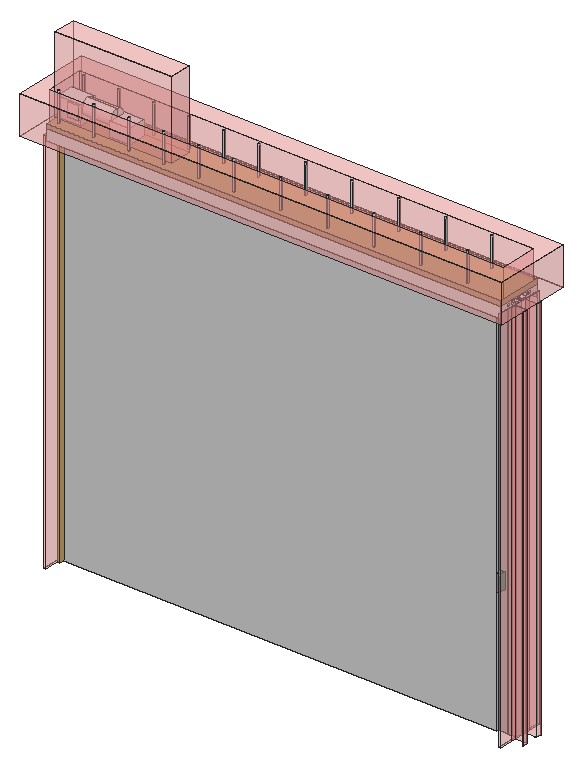
Revit family "Doors-Sliding_WON-DOOR_DuraSound_Motorized_Fixed_N", category Doors, host Wall, Revit 2020 (continued)
Definition of nested family "First Part"
  Automatic sketch dimensions
    Masking region 4 sketch curve to Masking region 4 sketch curve = 0' - 0 7/16"  (x2)
    Masking region 4 sketch curve to Masking region 4 sketch curve = 0' - 0.02358"  (x2)
    Masking region 4 sketch curve to Masking region 4 sketch curve = 0' - 0.10059"  (x2)
    Masking region 4 sketch curve to Masking region 4 sketch curve = 0' - 0.08395"  (x2)
    Masking region 4 sketch curve to Masking region 4 sketch curve = 0' - 0.315"  (x62)
    Masking region 4 sketch curve to Masking region 4 sketch curve = 0' - 0.29142"
    Masking region 4 sketch curve to Masking region 4 sketch curve = 0' - 0 81/256"  (x20)
    Masking region 4 sketch curve to Masking region 4 sketch curve = 0' - 0 1/4"  (x20)
    Masking region 4 sketch curve to Masking region 4 sketch curve = 0' - 0.565"
    curve 2 to curve 1 = 0' - 3.4981"
    curve 1 to curve 3 = 0' - 1.8731"
    curve 3 to curve 3 = 0' - 1 5/8"
    curve 9 to curve 6 = 0' - 5.68539"
    curve 1 to curve 2 = 0' - 0 5/8"
    curve 2 to curve 2 = 0' - 1 5/8"
Definition of nested family "Second Part"
  Parameters (values of type "Second Part")
    Wall Construction [instance] = yes
    Stack Depth [instance] = 1' - 6"
    Single Door [instance] = yes
    Single Backing [instance] = if(and(Single Door, Backing Profile), 1 = 1, 1 = 2)  # no
    Open [instance] = yes
    Double Door [instance] = yes
    Door Geometry [instance] = if(and(Open, Double Door), 1 = 1, 1 = 2)  # yes
    Closed [instance] = not(Open)  # no
    Backing Profile [instance] = no
  Reference planes (in)
    plane 1 "Center (Front/Back)": y = 0
    plane 2: z = 0
    plane 3 "Center (Left/Right)": x = 0
    plane 4: x = -18
  Lines and regions (in)
    Masking region 1, in view "Ref. Level", visible <- "Wall Construction"
      outline origin (-18, 35, 0) x (0, -1, 0) y (1, 0, 0)
        loop
          line (23.00211, 0) -> (23.00211, -0.625) -> (46.99789, -0.625) -> (46.99789, 0) -> (23.00211, 0)
    Masking region 2, in view "Ref. Level", visible <- "Single Backing"
      outline origin (-18, 35, 0) x (0, -1, 0) y (1, 0, 0)
        loop
          line (33.1269, -0.625) -> (31.5019, -0.625) -> (31.5019, -0.75) -> (33.0019, -0.75) -> (33.0019, -4.125) -> (31.5019, -4.125) -> (31.5019, -4.25) -> (33.1269, -4.25) -> (33.1269, -0.625)
        loop
          line (36.8731, -0.625) -> (36.8731, -4.25) -> (38.4981, -4.25) -> (38.4981, -4.125) -> (36.9981, -4.125) -> (36.9981, -0.75) -> (38.4981, -0.75) -> (38.4981, -0.625) -> (36.8731, -0.625)
    Masking region 3, in view "Ref. Level"
      outline origin (0, 0, 0) x (1, 0, 0) y (0, 1, 0)
        loop
          line (-18, 2.75449) -> (-18, -2.75449) -> (-17.25266, -2.75449) -> (-17.25266, 2.75449) -> (-18, 2.75449)
    Masking region 4, in view "Ref. Level", visible <- "Door Geometry", detail levels fine
      outline origin (0, 0, 0) x (1, 0, 0) y (0, 1, 0)
        loop
          line (-16.75, 1.57856) -> (-17.25266, 1.57856) -> (-17.25266, -1.57856) -> (-16.75, -1.57856) -> (-16.75, -0.84517) -> (-16.0817, -0.84517) -> (-16.0817, -1.84738) -> (-15.97292, -2.43998) -> (-16.14509, -3.08254) -> (-16.14509, -3.40471) -> (-15.97418, -4.04256) -> (-16.05812, -4.63987) -> (-16.05812, -5.14843) -> (-16.05812, -6.26823) -> (-15.74312, -6.3125) -> (-3.72097, -6.3125) -> (-3.72097, -5.12761) -> (-3.72097, -4.63987) -> (-3.63703, -4.04256) -> (-3.80794, -3.40471) -> (-3.80794, -3.08254) -> (-3.64396, -2.47054) -> (-3.64396, -2.39538) -> (-3.74455, -1.84738) -> (-3.74455, -0.905) -> (-3.02794, -0.905) -> (-3.02794, -1.081) -> (-2.90294, -1.081) -> (-2.90294, -2.706)
          arc (-2.90294, -2.706) -> (-2.84788, -2.83894) -> (-2.71494, -2.894) r 0.188
          line (-2.71494, -2.894) -> (-2.09094, -2.894)
          arc (-2.09094, -2.894) -> (-1.95801, -2.83894) -> (-1.90294, -2.706) r 0.188
          line (-1.90294, -2.706) -> (-1.90294, -1.081) -> (-1.77794, -1.081) -> (-1.77794, -0.905) -> (-0.03709, -0.905) -> (0.33033, -1.23816) -> (0.72751, -1.23816) -> (0.72751, -1.28816) -> (1.12251, -1.28816) -> (1.12251, -1.07316) -> (0.72751, -1.07316) -> (0.72751, -1.13816) -> (0.36892, -1.13816) -> (0.05089, -0.84978)
          arc (0.05089, -0.84978) -> (0.03649, -0.79777) -> (0.06969, -0.75523) r 0.06
          line (0.06969, -0.75523) -> (0.23033, -0.68869) -> (0.23033, -0.4628)
          arc (0.23033, -0.4628) -> (-0.00967, 0.00184) -> (0.23033, 0.46649) r 0.56978
          line (0.23033, 0.46649) -> (0.23033, 0.69238) -> (0.06969, 0.75892)
          arc (0.06969, 0.75892) -> (0.03649, 0.80146) -> (0.05089, 0.85347) r 0.06
          line (0.05089, 0.85347) -> (0.36892, 1.14184) -> (0.72751, 1.14184) -> (0.72751, 1.07684) -> (1.12251, 1.07684) -> (1.12251, 1.29184) -> (0.72751, 1.29184) -> (0.72751, 1.24184) -> (0.33033, 1.24184) -> (-0.04115, 0.905) -> (-1.77794, 0.905) -> (-1.77794, 1.081) -> (-1.90294, 1.081) -> (-1.90294, 2.706)
          arc (-1.90294, 2.706) -> (-1.95801, 2.83894) -> (-2.09094, 2.894) r 0.188
          line (-2.09094, 2.894) -> (-2.71494, 2.894)
          arc (-2.71494, 2.894) -> (-2.84788, 2.83894) -> (-2.90294, 2.706) r 0.188
          line (-2.90294, 2.706) -> (-2.90294, 1.081) -> (-3.02794, 1.081) -> (-3.02794, 0.905) -> (-3.74455, 0.905) -> (-3.74455, 1.84738) -> (-3.64396, 2.39538) -> (-3.64396, 2.47054) -> (-3.80794, 3.08254) -> (-3.80794, 3.40471) -> (-3.63703, 4.04256) -> (-3.72097, 4.63987) -> (-3.72097, 5.12761) -> (-3.72097, 6.31495) -> (-15.74312, 6.31495) -> (-16.05812, 6.27068) -> (-16.05812, 5.14843) -> (-16.05812, 4.63987) -> (-15.97418, 4.04256) -> (-16.14509, 3.40471) -> (-16.14509, 3.08254) -> (-15.97292, 2.43998) -> (-16.0817, 1.84738) -> (-16.0817, 0.84517) -> (-16.75, 0.84517) -> (-16.75, 1.57856)
    Masking region 5, in view "Ref. Level", visible <- "Door Geometry", detail levels fine
      outline origin (-18, 35, 0) x (0, -1, 0) y (1, 0, 0)
        loop
          line (33.42144, 0.75) -> (33.54644, 0.75) -> (33.54644, 0.78125) -> (33.45269, 0.78125) -> (33.45269, 1.21875) -> (34.89019, 1.21875) -> (34.89019, 0.78125) -> (34.79644, 0.78125) -> (34.79644, 0.75) -> (34.92144, 0.75) -> (34.92144, 1.25) -> (34.23295, 1.25) -> (34.23295, 1.94188) -> (34.19199, 2.2333) -> (33.15262, 2.2333) -> (32.60462, 2.33389) -> (32.52946, 2.33389) -> (31.91746, 2.16991) -> (31.59529, 2.16991) -> (30.95744, 2.34082) -> (30.36013, 2.25688) -> (29.46925, 2.25688) -> (28.68505, 2.25688) -> (28.72932, 1.94188) -> (29.40384, 1.94188) -> (30.36013, 1.94188) -> (30.95744, 2.02582) -> (31.59529, 1.85491) -> (31.91746, 1.85491) -> (32.52946, 2.01889) -> (32.60462, 2.01889) -> (33.15262, 1.9183) -> (34.15483, 1.9183) -> (34.15483, 1.25) -> (33.42144, 1.25) -> (33.42144, 0.75)
        loop
          line (36.57856, 0.75) -> (36.57856, 1.25) -> (35.84517, 1.25) -> (35.84517, 1.9183) -> (36.84738, 1.9183) -> (37.39538, 2.01889) -> (37.47054, 2.01889) -> (38.08254, 1.85491) -> (38.40471, 1.85491) -> (39.04256, 2.02582) -> (39.63987, 1.94188) -> (40.57815, 1.94188) -> (41.26823, 1.94188) -> (41.3125, 2.25688) -> (40.51274, 2.25688) -> (39.63987, 2.25688) -> (39.04256, 2.34082) -> (38.40471, 2.16991) -> (38.08254, 2.16991) -> (37.47054, 2.33389) -> (37.39538, 2.33389) -> (36.84738, 2.2333) -> (35.80801, 2.2333) -> (35.76705, 1.94188) -> (35.76705, 1.25) -> (35.07856, 1.25) -> (35.07856, 0.75) -> (35.20356, 0.75) -> (35.20356, 0.78125) -> (35.10981, 0.78125) -> (35.10981, 1.21875) -> (36.54731, 1.21875) -> (36.54731, 0.78125) -> (36.45356, 0.78125) -> (36.45356, 0.75) -> (36.57856, 0.75)
        loop
          line (34.23626, 2.5483) -> (34.19199, 2.8633) -> (33.15262, 2.8633) -> (32.60462, 2.96389) -> (32.52946, 2.96389) -> (31.91746, 2.79991) -> (31.59529, 2.79991) -> (30.95744, 2.97082) -> (30.36013, 2.88688) -> (29.46072, 2.88688) -> (28.68505, 2.88688) -> (28.72932, 2.57188) -> (29.40384, 2.57188) -> (30.36013, 2.57188) -> (30.95744, 2.65582) -> (31.59529, 2.48491) -> (31.91746, 2.48491) -> (32.52946, 2.64889) -> (32.60462, 2.64889) -> (33.15262, 2.5483) -> (34.23626, 2.5483)
        loop
          line (34.23626, 3.74471) -> (34.19199, 4.05971) -> (33.15262, 4.05971) -> (32.60462, 4.1603) -> (32.52946, 4.1603) -> (31.91746, 3.99632) -> (31.59529, 3.99632) -> (30.95744, 4.16723) -> (30.36013, 4.08328) -> (29.4883, 4.08328) -> (28.68505, 4.08328) -> (28.72932, 3.76828) -> (30.36013, 3.76828) -> (30.95744, 3.85223) -> (31.59529, 3.68132) -> (31.91746, 3.68132) -> (32.52946, 3.8453) -> (32.60462, 3.8453) -> (33.15262, 3.74471) -> (34.23626, 3.74471)
        loop
          line (28.72932, 4.39969) -> (30.36013, 4.39969) -> (30.95744, 4.48364) -> (31.59529, 4.31272) -> (31.91746, 4.31272) -> (32.52946, 4.47671) -> (32.60462, 4.47671) -> (33.15262, 4.37611) -> (34.23626, 4.37611) -> (34.19199, 4.69111) -> (33.15262, 4.69111) -> (32.60462, 4.79171) -> (32.52946, 4.79171) -> (31.91746, 4.62772) -> (31.59529, 4.62772) -> (30.95744, 4.79864) -> (30.36013, 4.71469) -> (29.42661, 4.71469) -> (28.68505, 4.71469) -> (28.72932, 4.39969)
        loop
          line (28.72932, 4.96469) -> (30.36013, 4.96469) -> (30.95744, 5.04864) -> (31.59529, 4.87772) -> (31.91746, 4.87772) -> (32.52946, 5.04171) -> (32.60462, 5.04171) -> (33.15262, 4.94111) -> (34.23626, 4.94111) -> (34.19199, 5.25611) -> (33.15262, 5.25611) -> (32.60462, 5.35671) -> (32.52946, 5.35671) -> (31.91746, 5.19272) -> (31.59529, 5.19272) -> (30.95744, 5.36364) -> (30.36013, 5.27969) -> (29.42465, 5.27969) -> (28.68505, 5.27969) -> (28.72932, 4.96469)
        loop
          line (35.76374, 2.5483) -> (36.84738, 2.5483) -> (37.39538, 2.64889) -> (37.47054, 2.64889) -> (38.08254, 2.48491) -> (38.40471, 2.48491) -> (39.04256, 2.65582) -> (39.63987, 2.57188) -> (40.57815, 2.57188) -> (41.26823, 2.57188) -> (41.3125, 2.88688) -> (40.52127, 2.88688) -> (39.63987, 2.88688) -> (39.04256, 2.97082) -> (38.40471, 2.79991) -> (38.08254, 2.79991) -> (37.47054, 2.96389) -> (37.39538, 2.96389) -> (36.84738, 2.8633) -> (35.80801, 2.8633) -> (35.76374, 2.5483)
        loop
          line (35.76374, 3.74471) -> (36.84738, 3.74471) -> (37.39538, 3.8453) -> (37.47054, 3.8453) -> (38.08254, 3.68132) -> (38.40471, 3.68132) -> (39.04256, 3.85223) -> (39.63987, 3.76828) -> (41.26823, 3.76828) -> (41.3125, 4.08328) -> (40.4937, 4.08328) -> (39.63987, 4.08328) -> (39.04256, 4.16723) -> (38.40471, 3.99632) -> (38.08254, 3.99632) -> (37.47054, 4.1603) -> (37.39538, 4.1603) -> (36.84738, 4.05971) -> (35.80801, 4.05971) -> (35.76374, 3.74471)
        loop
          line (41.26823, 4.39969) -> (41.3125, 4.71469) -> (40.55538, 4.71469) -> (39.63987, 4.71469) -> (39.04256, 4.79864) -> (38.40471, 4.62772) -> (38.08254, 4.62772) -> (37.47054, 4.79171) -> (37.39538, 4.79171) -> (36.84738, 4.69111) -> (35.80801, 4.69111) -> (35.76374, 4.37611) -> (36.84738, 4.37611) -> (37.39538, 4.47671) -> (37.47054, 4.47671) -> (38.08254, 4.31272) -> (38.40471, 4.31272) -> (39.04256, 4.48364) -> (39.63987, 4.39969) -> (41.26823, 4.39969)
        loop
          line (41.26823, 4.96469) -> (41.3125, 5.27969) -> (40.55734, 5.27969) -> (39.63987, 5.27969) -> (39.04256, 5.36364) -> (38.40471, 5.19272) -> (38.08254, 5.19272) -> (37.47054, 5.35671) -> (37.39538, 5.35671) -> (36.84738, 5.25611) -> (35.80801, 5.25611) -> (35.76374, 4.94111) -> (36.84738, 4.94111) -> (37.39538, 5.04171) -> (37.47054, 5.04171) -> (38.08254, 4.87772) -> (38.40471, 4.87772) -> (39.04256, 5.04864) -> (39.63987, 4.96469) -> (41.26823, 4.96469)
        loop
          line (34.23626, 3.17971) -> (34.19199, 3.49471) -> (33.15262, 3.49471) -> (32.60462, 3.5953) -> (32.52946, 3.5953) -> (31.91746, 3.43132) -> (31.59529, 3.43132) -> (30.95744, 3.60223) -> (30.36013, 3.51828) -> (29.46072, 3.51828) -> (28.68505, 3.51828) -> (28.72932, 3.20328) -> (29.40384, 3.20328) -> (30.36013, 3.20328) -> (30.95744, 3.28723) -> (31.59529, 3.11632) -> (31.91746, 3.11632) -> (32.52946, 3.2803) -> (32.60462, 3.2803) -> (33.15262, 3.17971) -> (34.23626, 3.17971)
        loop
          line (35.76374, 3.17971) -> (36.84738, 3.17971) -> (37.39538, 3.2803) -> (37.47054, 3.2803) -> (38.08254, 3.11632) -> (38.40471, 3.11632) -> (39.04256, 3.28723) -> (39.63987, 3.20328) -> (40.57815, 3.20328) -> (41.26823, 3.20328) -> (41.3125, 3.51828) -> (40.52127, 3.51828) -> (39.63987, 3.51828) -> (39.04256, 3.60223) -> (38.40471, 3.43132) -> (38.08254, 3.43132) -> (37.47054, 3.5953) -> (37.39538, 3.5953) -> (36.84738, 3.49471) -> (35.80801, 3.49471) -> (35.76374, 3.17971)
    Masking region 6, in view "Ref. Level", visible <- "Door Geometry", detail levels fine
      outline origin (0, 35, 0) x (0, -1, 0) y (1, 0, 0)
        loop
          line (35.74, -0.26799) -> (35.74, -3.74455) -> (35.74, -4.05955) -> (36.84738, -4.05955) -> (37.39538, -3.95896) -> (37.47054, -3.95896) -> (38.08254, -4.12294) -> (38.40471, -4.12294) -> (39.04256, -3.95203) -> (39.63987, -4.03597) -> (41.26823, -4.03597) -> (41.3125, -3.72097) -> (40.55734, -3.72097) -> (39.63987, -3.72097) -> (39.04256, -3.63703) -> (38.40471, -3.80794) -> (38.08254, -3.80794) -> (37.47054, -3.64396) -> (37.39538, -3.64396) -> (36.84738, -3.74455) -> (35.905, -3.74455) -> (35.905, -3.02794) -> (36.081, -3.02794) -> (36.081, -2.90294) -> (37.706, -2.90294)
          arc (37.706, -2.90294) -> (37.83894, -2.84788) -> (37.894, -2.71494) r 0.188
          line (37.894, -2.71494) -> (37.894, -2.09094)
          arc (37.894, -2.09094) -> (37.83894, -1.95801) -> (37.706, -1.90294) r 0.188
          line (37.706, -1.90294) -> (36.081, -1.90294) -> (36.081, -1.77794) -> (35.905, -1.77794) -> (35.905, -0.03709) -> (36.23816, 0.33033) -> (36.23816, 0.72751) -> (36.28816, 0.72751) -> (36.28816, 1.12251) -> (36.07316, 1.12251) -> (36.07316, 0.72751) -> (36.13816, 0.72751) -> (36.13816, 0.36892) -> (35.84978, 0.05089)
          arc (35.84978, 0.05089) -> (35.79777, 0.03649) -> (35.75523, 0.06969) r 0.06
          line (35.75523, 0.06969) -> (35.68869, 0.23033) -> (35.4628, 0.23033)
          arc (35.4628, 0.23033) -> (34.99816, -0.00967) -> (34.53351, 0.23033) r 0.56978
          line (34.53351, 0.23033) -> (34.30762, 0.23033) -> (34.24108, 0.06969)
          arc (34.24108, 0.06969) -> (34.19854, 0.03649) -> (34.14653, 0.05089) r 0.06
          line (34.14653, 0.05089) -> (33.85816, 0.36892) -> (33.85816, 0.72751) -> (33.92316, 0.72751) -> (33.92316, 1.12251) -> (33.70816, 1.12251) -> (33.70816, 0.72751) -> (33.75816, 0.72751) -> (33.75816, 0.33033) -> (34.095, -0.04115) -> (34.095, -1.77794) -> (33.919, -1.77794) -> (33.919, -1.90294) -> (32.294, -1.90294)
          arc (32.294, -1.90294) -> (32.16106, -1.95801) -> (32.106, -2.09094) r 0.188
          line (32.106, -2.09094) -> (32.106, -2.71494)
          arc (32.106, -2.71494) -> (32.16106, -2.84788) -> (32.294, -2.90294) r 0.188
          line (32.294, -2.90294) -> (33.919, -2.90294) -> (33.919, -3.02794) -> (34.095, -3.02794) -> (34.095, -3.74455) -> (33.15262, -3.74455) -> (32.60462, -3.64396) -> (32.52946, -3.64396) -> (31.91746, -3.80794) -> (31.59529, -3.80794) -> (30.95744, -3.63703) -> (30.36013, -3.72097) -> (29.42711, -3.72097) -> (28.6875, -3.72097) -> (28.73177, -4.03597) -> (30.36013, -4.03597) -> (30.95744, -3.95203) -> (31.59529, -4.12294) -> (31.91746, -4.12294) -> (32.52946, -3.95896) -> (32.60462, -3.95896) -> (33.15262, -4.05955) -> (34.26, -4.05955) -> (34.26, -3.74455) -> (34.26, -0.26799) -> (35.74, -0.26799)
        loop
          line (34.23626, -7.08236) -> (34.19199, -6.76736) -> (33.15262, -6.76736) -> (32.60462, -6.66677) -> (32.52946, -6.66677) -> (31.91746, -6.83076) -> (31.59529, -6.83076) -> (30.95744, -6.65984) -> (30.36013, -6.74379) -> (29.4717, -6.74379) -> (28.6875, -6.74379) -> (28.73177, -7.05879) -> (29.40629, -7.05879) -> (30.36013, -7.05879) -> (30.95744, -6.97484) -> (31.59529, -7.14576) -> (31.91746, -7.14576) -> (32.52946, -6.98177) -> (32.60462, -6.98177) -> (33.15262, -7.08236) -> (34.23626, -7.08236)
        loop
          line (34.23626, -6.45236) -> (34.19199, -6.13736) -> (33.15262, -6.13736) -> (32.60462, -6.03677) -> (32.52946, -6.03677) -> (31.91746, -6.20076) -> (31.59529, -6.20076) -> (30.95744, -6.02984) -> (30.36013, -6.11379) -> (29.46318, -6.11379) -> (28.6875, -6.11379) -> (28.73177, -6.42879) -> (29.40629, -6.42879) -> (30.36013, -6.42879) -> (30.95744, -6.34484) -> (31.59529, -6.51576) -> (31.91746, -6.51576) -> (32.52946, -6.35177) -> (32.60462, -6.35177) -> (33.15262, -6.45236) -> (34.23626, -6.45236)
        loop
          line (34.23626, -5.25596) -> (34.19199, -4.94096) -> (33.15262, -4.94096) -> (32.60462, -4.84036) -> (32.52946, -4.84036) -> (31.91746, -5.00435) -> (31.59529, -5.00435) -> (30.95744, -4.83344) -> (30.36013, -4.91738) -> (29.49075, -4.91738) -> (28.6875, -4.91738) -> (28.73177, -5.23238) -> (30.36013, -5.23238) -> (30.95744, -5.14844) -> (31.59529, -5.31935) -> (31.91746, -5.31935) -> (32.52946, -5.15536) -> (32.60462, -5.15536) -> (33.15262, -5.25596) -> (34.23626, -5.25596)
        loop
          line (28.73177, -4.60097) -> (30.36013, -4.60097) -> (30.95744, -4.51703) -> (31.59529, -4.68794) -> (31.91746, -4.68794) -> (32.52946, -4.52396) -> (32.60462, -4.52396) -> (33.15262, -4.62455) -> (34.23626, -4.62455) -> (34.19199, -4.30955) -> (33.15262, -4.30955) -> (32.60462, -4.20896) -> (32.52946, -4.20896) -> (31.91746, -4.37294) -> (31.59529, -4.37294) -> (30.95744, -4.20203) -> (30.36013, -4.28597) -> (29.42907, -4.28597) -> (28.6875, -4.28597) -> (28.73177, -4.60097)
        loop
          line (35.76374, -7.08236) -> (36.84738, -7.08236) -> (37.39538, -6.98177) -> (37.47054, -6.98177) -> (38.08254, -7.14576) -> (38.40471, -7.14576) -> (39.04256, -6.97484) -> (39.63987, -7.05879) -> (40.57815, -7.05879) -> (41.26823, -7.05879) -> (41.3125, -6.74379) -> (40.51274, -6.74379) -> (39.63987, -6.74379) -> (39.04256, -6.65984) -> (38.40471, -6.83076) -> (38.08254, -6.83076) -> (37.47054, -6.66677) -> (37.39538, -6.66677) -> (36.84738, -6.76736) -> (35.80801, -6.76736) -> (35.76374, -7.08236)
        loop
          line (35.76374, -6.45236) -> (36.84738, -6.45236) -> (37.39538, -6.35177) -> (37.47054, -6.35177) -> (38.08254, -6.51576) -> (38.40471, -6.51576) -> (39.04256, -6.34484) -> (39.63987, -6.42879) -> (40.57815, -6.42879) -> (41.26823, -6.42879) -> (41.3125, -6.11379) -> (40.52127, -6.11379) -> (39.63987, -6.11379) -> (39.04256, -6.02984) -> (38.40471, -6.20076) -> (38.08254, -6.20076) -> (37.47054, -6.03677) -> (37.39538, -6.03677) -> (36.84738, -6.13736) -> (35.80801, -6.13736) -> (35.76374, -6.45236)
        loop
          line (35.76374, -5.25596) -> (36.84738, -5.25596) -> (37.39538, -5.15536) -> (37.47054, -5.15536) -> (38.08254, -5.31935) -> (38.40471, -5.31935) -> (39.04256, -5.14844) -> (39.63987, -5.23238) -> (41.26823, -5.23238) -> (41.3125, -4.91738) -> (40.4937, -4.91738) -> (39.63987, -4.91738) -> (39.04256, -4.83344) -> (38.40471, -5.00435) -> (38.08254, -5.00435) -> (37.47054, -4.84036) -> (37.39538, -4.84036) -> (36.84738, -4.94096) -> (35.80801, -4.94096) -> (35.76374, -5.25596)
        loop
          line (41.26823, -4.60097) -> (41.3125, -4.28597) -> (40.55538, -4.28597) -> (39.63987, -4.28597) -> (39.04256, -4.20203) -> (38.40471, -4.37294) -> (38.08254, -4.37294) -> (37.47054, -4.20896) -> (37.39538, -4.20896) -> (36.84738, -4.30955) -> (35.80801, -4.30955) -> (35.76374, -4.62455) -> (36.84738, -4.62455) -> (37.39538, -4.52396) -> (37.47054, -4.52396) -> (38.08254, -4.68794) -> (38.40471, -4.68794) -> (39.04256, -4.51703) -> (39.63987, -4.60097) -> (41.26823, -4.60097)
        loop
          line (34.23626, -5.82096) -> (34.19199, -5.50596) -> (33.15262, -5.50596) -> (32.60462, -5.40536) -> (32.52946, -5.40536) -> (31.91746, -5.56935) -> (31.59529, -5.56935) -> (30.95744, -5.39844) -> (30.36013, -5.48238) -> (29.46318, -5.48238) -> (28.6875, -5.48238) -> (28.73177, -5.79738) -> (29.40629, -5.79738) -> (30.36013, -5.79738) -> (30.95744, -5.71344) -> (31.59529, -5.88435) -> (31.91746, -5.88435) -> (32.52946, -5.72036) -> (32.60462, -5.72036) -> (33.15262, -5.82096) -> (34.23626, -5.82096)
        loop
          line (35.76374, -5.82096) -> (36.84738, -5.82096) -> (37.39538, -5.72036) -> (37.47054, -5.72036) -> (38.08254, -5.88435) -> (38.40471, -5.88435) -> (39.04256, -5.71344) -> (39.63987, -5.79738) -> (40.57815, -5.79738) -> (41.26823, -5.79738) -> (41.3125, -5.48238) -> (40.52127, -5.48238) -> (39.63987, -5.48238) -> (39.04256, -5.39844) -> (38.40471, -5.56935) -> (38.08254, -5.56935) -> (37.47054, -5.40536) -> (37.39538, -5.40536) -> (36.84738, -5.50596) -> (35.80801, -5.50596) -> (35.76374, -5.82096)
    Masking region 7, in view "Ref. Level", visible <- "Door Geometry", detail levels medium
      outline origin (0, 0, 0) x (1, 0, 0) y (0, 1, 0)
        loop
          line (-17.25, 1.57856) -> (-17.25, -1.57856) -> (-16.75, -1.57856) -> (-16.75, -0.84517) -> (-16.0817, -0.84517) -> (-16.0817, -6.3125) -> (-3.74455, -6.3125) -> (-3.74455, -0.905) -> (-2.90294, -0.905) -> (-2.90294, -2.894) -> (-1.90294, -2.894) -> (-1.90294, -0.9025) -> (-0.03157, -0.9025) -> (0.39578, -1.29) -> (1.13281, -1.29) -> (1.13281, -1.075) -> (0.30754, -1.075) -> (0.03807, -0.83066) -> (0.03807, -0.69054) -> (0.23047, -0.69054) -> (0.23047, 0.69054) -> (0.03807, 0.69054) -> (0.03807, 0.83066) -> (0.30754, 1.075) -> (1.13281, 1.075) -> (1.13281, 1.29) -> (0.39578, 1.29) -> (-0.02606, 0.9075) -> (-1.90294, 0.9075) -> (-1.90294, 2.894) -> (-2.90294, 2.894) -> (-2.90294, 0.905) -> (-3.74455, 0.905) -> (-3.74455, 6.3125) -> (-16.0817, 6.3125) -> (-16.0817, 0.84517) -> (-16.75, 0.84517) -> (-16.75, 1.57856) -> (-17.25, 1.57856)
    Masking region 8, in view "Ref. Level", visible <- "Door Geometry", detail levels medium
      outline origin (-18, 35, 0) x (0, -1, 0) y (1, 0, 0)
        loop
          line (33.42144, 0.75) -> (33.45269, 0.75) -> (33.45269, 1.21875) -> (34.89019, 1.21875) -> (34.89019, 0.75) -> (34.92144, 0.75) -> (34.92144, 1.25) -> (34.23295, 1.25) -> (34.23295, 2.2333) -> (28.6875, 2.2333) -> (28.6875, 1.9183) -> (34.15483, 1.9183) -> (34.15483, 1.25) -> (33.42144, 1.25) -> (33.42144, 0.75)
        loop
          line (36.54731, 1.21875) -> (36.54731, 0.75) -> (36.57856, 0.75) -> (36.57856, 1.25) -> (35.84517, 1.25) -> (35.84517, 1.9183) -> (41.3125, 1.9183) -> (41.3125, 2.2333) -> (35.76705, 2.2333) -> (35.76705, 1.25) -> (35.07856, 1.25) -> (35.07856, 0.75) -> (35.10981, 0.75) -> (35.10981, 1.21875) -> (36.54731, 1.21875)
        loop
          line (34.23626, 2.5483) -> (34.23626, 2.8633) -> (28.6875, 2.8633) -> (28.6875, 2.5483) -> (34.23626, 2.5483)
        loop
          line (34.23506, 3.74471) -> (34.23506, 4.05971) -> (28.6875, 4.05971) -> (28.6875, 3.74471) -> (34.23506, 3.74471)
        loop
          line (34.23626, 4.37611) -> (34.23626, 4.69111) -> (28.6875, 4.69111) -> (28.6875, 4.37611) -> (34.23626, 4.37611)
        loop
          line (34.23626, 4.94111) -> (34.23626, 5.25611) -> (28.6875, 5.25611) -> (28.6875, 4.94111) -> (34.23626, 4.94111)
        loop
          line (34.23626, 3.17971) -> (34.23626, 3.49471) -> (28.6875, 3.49471) -> (28.6875, 3.17971) -> (34.23626, 3.17971)
        loop
          line (35.76374, 2.5483) -> (41.3125, 2.5483) -> (41.3125, 2.8633) -> (35.76374, 2.8633) -> (35.76374, 2.5483)
        loop
          line (35.76374, 3.74471) -> (41.3125, 3.74471) -> (41.3125, 4.05971) -> (35.76374, 4.05971) -> (35.76374, 3.74471)
        loop
          line (35.76374, 4.37611) -> (41.3125, 4.37611) -> (41.3125, 4.69111) -> (35.76374, 4.69111) -> (35.76374, 4.37611)
        loop
          line (35.76374, 4.94111) -> (41.3125, 4.94111) -> (41.3125, 5.25611) -> (35.76374, 5.25611) -> (35.76374, 4.94111)
        loop
          line (35.76374, 3.17971) -> (41.3125, 3.17971) -> (41.3125, 3.49471) -> (35.76374, 3.49471) -> (35.76374, 3.17971)
    Masking region 9, in view "Ref. Level", visible <- "Door Geometry", detail levels medium
      outline origin (0, 35, 0) x (0, -1, 0) y (1, 0, 0)
        loop
          line (35.74, -0.26799) -> (35.74, -4.05955) -> (41.3125, -4.05955) -> (41.3125, -3.74455) -> (35.905, -3.74455) -> (35.905, -2.90294) -> (37.894, -2.90294) -> (37.894, -1.90294) -> (35.9025, -1.90294) -> (35.9025, -0.03157) -> (36.29, 0.39578) -> (36.29, 1.13281) -> (36.075, 1.13281) -> (36.075, 0.30754) -> (35.83066, 0.03807) -> (35.69054, 0.03807) -> (35.69054, 0.23047) -> (34.30946, 0.23047) -> (34.30946, 0.03807) -> (34.16934, 0.03807) -> (33.925, 0.30754) -> (33.925, 1.13281) -> (33.71, 1.13281) -> (33.71, 0.39578) -> (34.0925, -0.02606) -> (34.0925, -1.90294) -> (32.106, -1.90294) -> (32.106, -2.90294) -> (34.095, -2.90294) -> (34.095, -3.74455) -> (28.6875, -3.74455) -> (28.6875, -4.05955) -> (34.26, -4.05955) -> (34.26, -0.26799) -> (35.74, -0.26799)
        loop
          line (34.23626, -6.99379) -> (34.23626, -6.67879) -> (28.6875, -6.67879) -> (28.6875, -6.99379) -> (34.23626, -6.99379)
        loop
          line (34.23626, -5.79738) -> (34.23626, -5.48238) -> (28.6875, -5.48238) -> (28.6875, -5.79738) -> (34.23626, -5.79738)
        loop
          line (34.23626, -5.16597) -> (34.23626, -4.85097) -> (28.6875, -4.85097) -> (28.6875, -5.16597) -> (34.23626, -5.16597)
        loop
          line (34.23626, -4.60097) -> (34.23626, -4.28597) -> (28.6875, -4.28597) -> (28.6875, -4.60097) -> (34.23626, -4.60097)
        loop
          line (34.23626, -6.36238) -> (34.23626, -6.04738) -> (28.6875, -6.04738) -> (28.6875, -6.36238) -> (34.23626, -6.36238)
        loop
          line (35.76374, -6.99379) -> (41.3125, -6.99379) -> (41.3125, -6.67879) -> (35.76374, -6.67879) -> (35.76374, -6.99379)
        loop
          line (35.76374, -5.79738) -> (41.3125, -5.79738) -> (41.3125, -5.48238) -> (35.76374, -5.48238) -> (35.76374, -5.79738)
        loop
          line (35.76374, -5.16597) -> (41.3125, -5.16597) -> (41.3125, -4.85097) -> (35.76374, -4.85097) -> (35.76374, -5.16597)
        loop
          line (35.76374, -4.60097) -> (41.3125, -4.60097) -> (41.3125, -4.28597) -> (35.76374, -4.28597) -> (35.76374, -4.60097)
        loop
          line (35.76374, -6.36238) -> (41.3125, -6.36238) -> (41.3125, -6.04738) -> (35.76374, -6.04738) -> (35.76374, -6.36238)
    Masking region 10, in view "Ref. Level", visible <- "Door Geometry", detail levels coarse
      outline origin (0, 0, 0) x (1, 0, 0) y (0, 1, 0)
        loop
          line (-16.0817, 6.3125) -> (-16.0817, 0.84517) -> (-16.75, 0.84517) -> (-16.75, 1.57856) -> (-17.25, 1.57856) -> (-17.25, -1.57856) -> (-16.75, -1.57856) -> (-16.75, -0.84517) -> (-16.0817, -0.84517) -> (-16.0817, -6.3125) -> (-3.74455, -6.3125) -> (-3.74455, -2.894) -> (-1.90294, -2.894) -> (-1.90294, -1.29) -> (1.13281, -1.29) -> (1.13281, -1.07516) -> (0.23047, -1.07516) -> (0.23047, 1.07516) -> (1.13281, 1.07516) -> (1.13281, 1.29) -> (-1.90294, 1.29) -> (-1.90294, 2.894) -> (-3.74455, 2.894) -> (-3.74455, 6.3125) -> (-16.0817, 6.3125)
    Masking region 11, in view "Ref. Level", visible <- "Single Door", detail levels fine
      outline origin (-83.43859, -6.07859, 0) x (0, -1, 0) y (1, 0, 0)
        loop
          line (-6.98359, 67.45227) -> (-6.98359, 66.18593) -> (-5.17359, 66.18593) -> (-5.17359, 67.45227)
          arc (-5.17359, 67.45227) -> (-5.2018, 67.53101) -> (-5.27359, 67.57393) r 0.124
          line (-5.27359, 67.57393) -> (-5.27359, 67.93793)
          arc (-5.27359, 67.93793) -> (-5.29774, 67.96735) -> (-5.33131, 67.94941) r 0.03
          line (-5.33131, 67.94941) -> (-5.37293, 67.84893) -> (-5.61109, 67.84893) -> (-5.61109, 67.88073)
          arc (-5.61109, 67.88073) -> (-6.07859, 67.95891) -> (-6.54609, 67.88073) r 1.43699
          line (-6.54609, 67.88073) -> (-6.54609, 67.84893) -> (-6.78426, 67.84893) -> (-6.82588, 67.94941)
          arc (-6.82588, 67.94941) -> (-6.85945, 67.96735) -> (-6.88359, 67.93793) r 0.03
          line (-6.88359, 67.93793) -> (-6.88359, 67.57393)
          arc (-6.88359, 67.57393) -> (-6.95538, 67.53101) -> (-6.98359, 67.45227) r 0.124
    Masking region 12, in view "Ref. Level", visible <- "Single Door", detail levels fine
      outline origin (-83.43859, -6.07859, 0) x (0, -1, 0) y (1, 0, 0)
        loop
          line (-6.88359, 66.18593) -> (-5.27359, 66.18593) -> (-5.27359, 67.41193)
          arc (-5.27359, 67.41193) -> (-5.29175, 67.45577) -> (-5.33559, 67.47393) r 0.062
          line (-5.33559, 67.47393) -> (-5.37359, 67.47393) -> (-5.37359, 67.57393) -> (-5.52359, 67.57393) -> (-5.52359, 67.47393) -> (-6.63359, 67.47393) -> (-6.63359, 67.57393) -> (-6.78359, 67.57393) -> (-6.78359, 67.47393) -> (-6.82159, 67.47393)
          arc (-6.82159, 67.47393) -> (-6.86543, 67.45577) -> (-6.88359, 67.41193) r 0.062
          line (-6.88359, 67.41193) -> (-6.88359, 66.18593)
        loop
          line (-6.48609, 67.83255) -> (-6.48609, 67.79893) -> (-6.70359, 67.79893) -> (-6.70359, 67.69893) -> (-6.54759, 67.69893) -> (-6.54759, 67.57393) -> (-5.60959, 67.57393) -> (-5.60959, 67.69893) -> (-5.45359, 67.69893) -> (-5.45359, 67.79893) -> (-5.67109, 67.79893) -> (-5.67109, 67.83255)
          arc (-5.67109, 67.83255) -> (-6.07859, 67.89893) -> (-6.48609, 67.83255) r 1.284
    Masking region 13, in view "Ref. Level", visible <- "Single Door", detail levels medium
      outline origin (-18, 35, 0) x (0, -1, 0) y (1, 0, 0)
        loop
          line (35.905, 0.74734) -> (35.905, 2.13534) -> (35.805, 2.13534) -> (35.805, 2.52914) -> (35.70566, 2.52914) -> (35.70566, 2.41034) -> (35.4675, 2.41034) -> (35.4675, 2.52032) -> (34.5325, 2.52032) -> (34.5325, 2.41034) -> (34.29434, 2.41034) -> (34.29434, 2.52914) -> (34.195, 2.52914) -> (34.195, 2.13534) -> (34.095, 2.13534) -> (34.095, 0.74734) -> (35.905, 0.74734)
    Masking region 14, in view "Ref. Level", visible <- "Single Door", detail levels medium
      outline origin (-18, 35, 0) x (0, -1, 0) y (1, 0, 0)
        loop
          line (34.195, 2.03534) -> (34.195, 0.74734) -> (35.805, 0.74734) -> (35.805, 2.03534) -> (35.705, 2.03534) -> (35.705, 2.13534) -> (35.555, 2.13534) -> (35.555, 2.03534) -> (34.445, 2.03534) -> (34.445, 2.13534) -> (34.295, 2.13534) -> (34.295, 2.03534) -> (34.195, 2.03534)
        loop
          line (34.531, 2.13534) -> (35.469, 2.13534) -> (35.469, 2.26034) -> (35.625, 2.26034) -> (35.625, 2.36034) -> (35.4075, 2.36034) -> (35.4075, 2.46034) -> (34.5925, 2.46034) -> (34.5925, 2.36034) -> (34.375, 2.36034) -> (34.375, 2.26034) -> (34.531, 2.26034) -> (34.531, 2.13534)
    Masking region 15, in view "Ref. Level", visible <- "Single Door", detail levels coarse
      outline origin (-18, 35, 0) x (0, -1, 0) y (1, 0, 0)
        loop
          line (34.095, 2.52032) -> (34.095, 0.74734) -> (35.905, 0.74734) -> (35.905, 2.52032) -> (34.095, 2.52032)
    Masking region 16, in view "Ref. Level", visible <- "Single Door", detail levels coarse
      outline origin (-18, 35, 0) x (0, -1, 0) y (1, 0, 0)
        loop
          line (34.375, 2.13534) -> (35.625, 2.13534) -> (35.625, 2.46034) -> (34.375, 2.46034) -> (34.375, 2.13534)
        loop
          line (34.195, 2.03534) -> (34.195, 0.74734) -> (35.805, 0.74734) -> (35.805, 2.03534) -> (34.195, 2.03534)
    reference lines, in view "Ref. Level"
      curve 1: line (-18, 35, 0) -> (-18, 0, 0)
      curve 22: line (0, 35, 0) -> (0, -25.00766, 0)
    detail lines, in view "Ref. Level", visible <- "Single Backing"
      curve 2: line (-22.125, 1.9981, 0) -> (-22.125, 3.4981, 0)
      curve 3: line (-22.125, 3.4981, 0) -> (-22.25, 3.4981, 0)
      curve 4: line (-22.25, 3.4981, 0) -> (-22.25, 1.8731, 0)
      curve 5: line (-22.25, 1.8731, 0) -> (-18.625, 1.8731, 0)
      curve 6: line (-18.75, 1.9981, 0) -> (-22.125, 1.9981, 0)
      curve 7: line (-18.75, 3.4981, 0) -> (-18.75, 1.9981, 0)
      curve 8: line (-18.625, 3.4981, 0) -> (-18.75, 3.4981, 0)
      curve 9: line (-18.625, 1.8731, 0) -> (-18.625, 3.4981, 0)
      curve 10: line (-22.25, -1.8731, 0) -> (-22.25, -3.4981, 0)
      curve 11: line (-22.125, -3.4981, 0) -> (-22.125, -1.9981, 0)
      curve 12: line (-22.125, -1.9981, 0) -> (-18.75, -1.9981, 0)
      curve 13: line (-18.625, -1.8731, 0) -> (-22.25, -1.8731, 0)
      curve 14: line (-22.25, -3.4981, 0) -> (-22.125, -3.4981, 0)
      curve 15: line (-18.75, -1.9981, 0) -> (-18.75, -3.4981, 0)
      curve 16: line (-18.75, -3.4981, 0) -> (-18.625, -3.4981, 0)
      curve 17: line (-18.625, -3.4981, 0) -> (-18.625, -1.8731, 0)
    detail lines, in view "Ref. Level", visible <- "Wall Construction"
      curve 18: line (-18, -11.99789, 0) -> (-18, 11.99789, 0)
      curve 19: line (-18.625, 11.99789, 0) -> (-18.625, -11.99789, 0)
      curve 20: line (-18.625, -11.99789, 0) -> (-18, -11.99789, 0)
      curve 21: line (-18, 11.99789, 0) -> (-18.625, 11.99789, 0)
    detail lines, in view "Ref. Level", visible <- "Door Geometry", detail levels coarse
      curve 23: line (-12.72031, 6.31495, 0) -> (-12.72031, -6.3125, 0)
      curve 24: line (-6.99379, 6.3125, 0) -> (-6.99379, -6.3125, 0)
  Dimensions and locks (in)
    "Stack Depth": plane 4 to plane 3 "Center (Left/Right)"
    locked: curve 1 to curve 1 at 35
    locked: plane 4 to Masking region 4 sketch curve at 0.74734
    locked: curve 22 to curve 22 at 60.00766
    locked: curve 22 to plane 1 "Center (Front/Back)" at 25.00766
    plane 4 to Masking region 7 sketch curve = 0' - 0 3/4"
    locked: plane 4 to Masking region 10 sketch curve at 0.75
    locked: Masking region 10 sketch curve to Masking region 10 sketch curve at 0.5  (x2)
    locked: Masking region 10 sketch curve to Masking region 10 sketch curve at 0.6683  (x2)
    locked: plane 3 "Center (Left/Right)" to Masking region 10 sketch curve at 0.23047
    locked: plane 3 "Center (Left/Right)" to Masking region 10 sketch curve at 1.13281  (x2)
    locked: plane 3 "Center (Left/Right)" to Masking region 7 sketch curve at 1.13281  (x2)
    aligned and locked: curve 1 to plane 4
    aligned and locked: plane 1 "Center (Front/Back)" to curve 1
    aligned and locked: curve 2 to Masking region 2
    aligned and locked: curve 3 to Masking region 2
    aligned and locked: curve 4 to Masking region 2
    aligned and locked: curve 5 to Masking region 2
    aligned and locked: curve 6 to Masking region 2
    aligned and locked: curve 7 to Masking region 2
    aligned and locked: curve 8 to Masking region 2
    aligned and locked: curve 9 to Masking region 2
    aligned and locked: curve 10 to Masking region 2
    aligned and locked: curve 11 to Masking region 2
    aligned and locked: curve 12 to Masking region 2
    aligned and locked: curve 13 to Masking region 2
    aligned and locked: curve 14 to Masking region 2
    aligned and locked: curve 15 to Masking region 2
    aligned and locked: curve 16 to Masking region 2
    aligned and locked: curve 17 to Masking region 2
    aligned and locked: curve 18 to Masking region 1
    aligned and locked: curve 19 to Masking region 1
    aligned and locked: curve 20 to Masking region 1
    aligned and locked: curve 21 to Masking region 1
    aligned and locked: Masking region 4 sketch curve to Masking region 5  (x21)
    aligned and locked: Masking region 5 to Masking region 4 sketch curve  (x2)
    aligned and locked: curve 22 to plane 3 "Center (Left/Right)"
    aligned and locked: Masking region 4 sketch curve to Masking region 6  (x60)
    aligned and locked: Masking region 6 to Masking region 4 sketch curve
    aligned and locked: Masking region 7 sketch curve to Masking region 7 sketch curve
    aligned and locked: Masking region 7 sketch curve to Masking region 9  (x23)
    aligned and locked: Masking region 10 sketch curve to Masking region 9  (x4)
    aligned and locked: Masking region 9 to Masking region 10 sketch curve  (x2)
  Automatic sketch dimensions
    curve 1 to Masking region 2 sketch curve = 0' - 0 5/8"  (x2)
    Masking region 2 sketch curve to curve 1 = 0' - 3.4981"
    Masking region 2 sketch curve to Masking region 2 sketch curve = 0' - 0"
    curve 1 to Masking region 2 sketch curve = 0' - 0 3/4"
    Masking region 2 sketch curve to Masking region 2 sketch curve = 0' - 1 1/2"  (x3)
    Masking region 2 sketch curve to Masking region 2 sketch curve = 0' - 0 1/8"  (x5)
    curve 1 to Masking region 2 sketch curve = 0' - 1.8731"
    Masking region 2 sketch curve to curve 1 = 0' - 4 1/8"  (x2)
    Masking region 1 sketch curve to curve 1 = 0' - 0"
    Masking region 1 sketch curve to curve 1 = 0' - 11.99789"
    curve 1 to Masking region 1 sketch curve = 0' - 0 5/8"
    curve 1 to Masking region 1 sketch curve = 0' - 11.99789"
    Masking region 3 sketch curve to plane 4 = 0' - 0"
    Masking region 3 sketch curve to Masking region 3 sketch curve = 0' - 0.74734"
    plane 1 "Center (Front/Back)" to Masking region 3 sketch curve = 0' - 2.75449"
    Masking region 3 sketch curve to plane 1 "Center (Front/Back)" = 0' - 2.75449"
    Masking region 4 sketch curve to Masking region 4 sketch curve = 0' - 0.50856"  (x2)
    Masking region 4 sketch curve to Masking region 4 sketch curve = 0' - 0.73339"
    Masking region 4 sketch curve to Masking region 4 sketch curve = 0' - 0.04427"  (x2)
    Masking region 5 sketch curve to curve 1 = 0' - 6.31495"
    Masking region 5 sketch curve to Masking region 5 sketch curve = 0' - 0"  (x115)
    Masking region 5 sketch curve to curve 1 = 0' - 2.88688"  (x2)
    Masking region 5 sketch curve to curve 1 = 0' - 2.25688"  (x2)
    Masking region 5 sketch curve to Masking region 5 sketch curve = 0' - 0.04427"  (x22)
    Masking region 5 sketch curve to curve 1 = 0' - 1.94188"  (x2)
    Masking region 5 sketch curve to curve 1 = 0' - 2.57188"  (x2)
    Masking region 5 sketch curve to Masking region 5 sketch curve = 0' - 0.67452"  (x2)
    Masking region 5 sketch curve to Masking region 5 sketch curve = 0' - 0.73961"
    Masking region 5 sketch curve to Masking region 5 sketch curve = 0' - 0.00196"
    Masking region 5 sketch curve to Masking region 5 sketch curve = 0' - 0.05689"  (x4)
    Masking region 5 sketch curve to Masking region 5 sketch curve = 0' - 0.06541"  (x2)
    Masking region 5 sketch curve to Masking region 5 sketch curve = 0' - 0.02757"
    Masking region 5 sketch curve to Masking region 5 sketch curve = 0' - 0.93548"
    Masking region 5 sketch curve to Masking region 5 sketch curve = 0' - 0.9563"  (x2)
    Masking region 5 sketch curve to Masking region 5 sketch curve = 0' - 0.89941"
    Masking region 5 sketch curve to Masking region 5 sketch curve = 0' - 0.87184"
    Masking region 5 sketch curve to Masking region 5 sketch curve = 0' - 0.5973"  (x9)
    Masking region 5 sketch curve to Masking region 5 sketch curve = 0' - 0.63786"  (x5)
    Masking region 5 sketch curve to Masking region 5 sketch curve = 0' - 0.32217"  (x8)
    Masking region 5 sketch curve to Masking region 5 sketch curve = 0' - 0.612"  (x7)
    Masking region 5 sketch curve to Masking region 5 sketch curve = 0' - 0.07516"  (x24)
    Masking region 5 sketch curve to Masking region 5 sketch curve = 0' - 0.548"  (x8)
    Masking region 5 sketch curve to Masking region 5 sketch curve = 0' - 0.26882"
    Masking region 5 sketch curve to Masking region 5 sketch curve = 0' - 0 1/32"  (x12)
    Masking region 5 sketch curve to Masking region 5 sketch curve = 0' - 0 3/32"  (x4)
    Masking region 5 sketch curve to Masking region 5 sketch curve = 0' - 0.70214"
    Masking region 5 sketch curve to curve 1 = 0' - 0.80801"  (x2)
    Masking region 5 sketch curve to Masking region 5 sketch curve = 0' - 0.03716"
    Masking region 5 sketch curve to Masking region 5 sketch curve = 0' - 0 5/64"  (x2)
    Masking region 5 sketch curve to curve 1 = 0' - 0.20356"
    curve 1 to Masking region 5 sketch curve = 0' - 0.07856"
    curve 1 to Masking region 5 sketch curve = 0' - 0.76374"  (x2)
    Masking region 5 sketch curve to Masking region 5 sketch curve = 0' - 0.65725"
    Masking region 5 sketch curve to Masking region 5 sketch curve = 0' - 0.04096"
    Masking region 5 sketch curve to Masking region 5 sketch curve = 0' - 0.60839"
    Masking region 5 sketch curve to Masking region 5 sketch curve = 0' - 1.08364"  (x2)
    Masking region 5 sketch curve to Masking region 5 sketch curve = 0' - 0.85383"
    Masking region 5 sketch curve to Masking region 5 sketch curve = 0' - 0.87287"
    Masking region 5 sketch curve to Masking region 5 sketch curve = 0' - 0.8814"  (x2)
    Masking region 5 sketch curve to Masking region 5 sketch curve = 0' - 0.91551"
    Masking region 5 sketch curve to Masking region 5 sketch curve = 0' - 0.91747"
    Masking region 5 sketch curve to Masking region 5 sketch curve = 0' - 0.69007"  (x2)
    Masking region 5 sketch curve to Masking region 5 sketch curve = 0' - 0.71285"
    curve 1 to Masking region 5 sketch curve = 0' - 0 3/4"  (x2)
    Masking region 5 sketch curve to curve 1 = 0' - 0 3/4"  (x2)
    curve 1 to Masking region 5 sketch curve = 0' - 1 7/32"
    Masking region 5 sketch curve to Masking region 5 sketch curve = 0' - 0.08697"  (x2)
    Masking region 5 sketch curve to Masking region 5 sketch curve = 0' - 0.6683"  (x2)
    Masking region 5 sketch curve to Masking region 5 sketch curve = 0' - 0.02358"  (x2)
    Masking region 5 sketch curve to Masking region 5 sketch curve = 0' - 0.10059"  (x3)
    Masking region 5 sketch curve to Masking region 5 sketch curve = 0' - 0.08395"  (x2)
    Masking region 5 sketch curve to Masking region 5 sketch curve = 0' - 0.315"  (x61)
    Masking region 5 sketch curve to Masking region 5 sketch curve = 0' - 0.29142"
    Masking region 5 sketch curve to Masking region 5 sketch curve = 0' - 0 81/256"  (x20)
    Masking region 5 sketch curve to Masking region 5 sketch curve = 0' - 0 1/4"  (x20)
    Masking region 5 sketch curve to Masking region 5 sketch curve = 0' - 0.565"
    Masking region 5 sketch curve to Masking region 5 sketch curve = 0' - 0 7/16"
    Masking region 4 sketch curve to Masking region 4 sketch curve = 0' - 0.48775"  (x2)
    Masking region 8 sketch curve to curve 1 = 0' - 2.5483"
    Masking region 8 sketch curve to curve 1 = 0' - 6 5/16"
    Masking region 8 sketch curve to Masking region 8 sketch curve = 0' - 0"  (x16)
    Masking region 8 sketch curve to curve 1 = 0' - 1.57856"
    Masking region 8 sketch curve to Masking region 8 sketch curve = 0' - 0 1/32"  (x6)
    Masking region 8 sketch curve to Masking region 8 sketch curve = 0' - 0.70214"  (x2)
    Masking region 8 sketch curve to Masking region 8 sketch curve = 0' - 0 5/64"  (x2)
    Masking region 8 sketch curve to curve 1 = 0' - 0.76494"
    Masking region 8 sketch curve to Masking region 8 sketch curve = 0' - 0.00331"  (x2)
    Masking region 8 sketch curve to Masking region 8 sketch curve = 0' - 0.0012"  (x2)
    Masking region 8 sketch curve to curve 1 = 0' - 0.10981"
    curve 1 to Masking region 8 sketch curve = 0' - 0.07856"
    curve 1 to Masking region 8 sketch curve = 0' - 0.76374"  (x2)
    Masking region 8 sketch curve to curve 1 = 0' - 1.9183"
    Masking region 8 sketch curve to Masking region 8 sketch curve = 0' - 4.73394"
    Masking region 8 sketch curve to curve 1 = 0' - 1 1/4"
    Masking region 8 sketch curve to Masking region 8 sketch curve = 0' - 0.6683"
    Masking region 8 sketch curve to Masking region 8 sketch curve = 0' - 0 15/32"  (x2)
    curve 1 to Masking region 8 sketch curve = 0' - 0 3/4"  (x2)
    Masking region 8 sketch curve to Masking region 8 sketch curve = 0' - 0.63"
    Masking region 8 sketch curve to Masking region 8 sketch curve = 0' - 0.315"  (x13)
    Masking region 8 sketch curve to Masking region 8 sketch curve = 0' - 0 81/256"  (x4)
    Masking region 8 sketch curve to Masking region 8 sketch curve = 0' - 0 1/4"  (x4)
    curve 1 to Masking region 11 sketch curve = 2' - 10.095"
    Masking region 11 sketch curve to Masking region 11 sketch curve = 0' - 0.1"
    Masking region 11 sketch curve to Masking region 11 sketch curve = 0' - 0.124"
    Masking region 11 sketch curve to Masking region 11 sketch curve = 0' - 0.03"  (x2)
    Masking region 11 sketch curve to Masking region 11 sketch curve = 0' - 0.02772"  (x2)
    Masking region 11 sketch curve to Masking region 11 sketch curve = 0' - 0.04162"  (x2)
    Masking region 11 sketch curve to Masking region 11 sketch curve = 0' - 0.23816"  (x2)
    Masking region 11 sketch curve to Masking region 11 sketch curve = 0' - 0.905"  (x2)
    Masking region 11 sketch curve to Masking region 11 sketch curve = 0' - 0.935"
    Masking region 11 sketch curve to Masking region 11 sketch curve = 0' - 0.07534"
    curve 1 to Masking region 11 sketch curve = 0' - 0.74734"
    Masking region 11 sketch curve to Masking region 11 sketch curve = 0' - 0.33599"
    Masking region 11 sketch curve to Masking region 11 sketch curve = 0' - 1.26634"  (x2)
    Masking region 11 sketch curve to Masking region 11 sketch curve = 0' - 0.275"  (x2)
    Masking region 11 sketch curve to Masking region 11 sketch curve = 0' - 0.03181"
    curve 1 to Masking region 12 sketch curve = 2' - 10.195"
    Masking region 12 sketch curve to Masking region 12 sketch curve = 0' - 0.062"  (x2)
    Masking region 12 sketch curve to Masking region 12 sketch curve = 0' - 0.038"  (x2)
    Masking region 12 sketch curve to Masking region 12 sketch curve = 0' - 0.08"  (x2)
    Masking region 12 sketch curve to Masking region 12 sketch curve = 0' - 0.07"
    Masking region 12 sketch curve to Masking region 12 sketch curve = 0' - 0.086"  (x2)
    Masking region 12 sketch curve to Masking region 12 sketch curve = 0' - 0.0615"  (x2)
    Masking region 12 sketch curve to Masking region 12 sketch curve = 0' - 0.805"
    Masking region 12 sketch curve to Masking region 12 sketch curve = 0' - 0.815"
    Masking region 12 sketch curve to Masking region 12 sketch curve = 0' - 0.156"
    curve 1 to Masking region 12 sketch curve = 0' - 0.74734"
    Masking region 12 sketch curve to Masking region 12 sketch curve = 0' - 0.429"
    Masking region 12 sketch curve to Masking region 12 sketch curve = 0' - 0.797"  (x2)
    Masking region 12 sketch curve to Masking region 12 sketch curve = 0' - 0"  (x2)
    Masking region 12 sketch curve to Masking region 12 sketch curve = 0' - 0.1"  (x4)
    Masking region 12 sketch curve to Masking region 12 sketch curve = 0' - 0 1/8"  (x2)
    Masking region 12 sketch curve to Masking region 12 sketch curve = 0' - 0.03362"
    Masking region 13 sketch curve to curve 1 = 0' - 0.905"
    Masking region 13 sketch curve to Masking region 13 sketch curve = 0' - 0.1"  (x2)
    Masking region 13 sketch curve to Masking region 13 sketch curve = 0' - 0.09934"  (x2)
    Masking region 13 sketch curve to Masking region 13 sketch curve = 0' - 0.23816"  (x2)
    curve 1 to Masking region 13 sketch curve = 0' - 0.4675"
    Masking region 13 sketch curve to curve 1 = 0' - 0.74734"
    curve 1 to Masking region 13 sketch curve = 0' - 2.13534"  (x2)
    Masking region 13 sketch curve to Masking region 13 sketch curve = 0' - 0.275"  (x2)
    Masking region 13 sketch curve to Masking region 13 sketch curve = 0' - 0.10998"
    Masking region 13 sketch curve to Masking region 13 sketch curve = 0' - 0.1188"  (x2)
    Masking region 14 sketch curve to curve 1 = 0' - 0.805"
    Masking region 14 sketch curve to Masking region 14 sketch curve = 0' - 0.1"  (x8)
    Masking region 14 sketch curve to Masking region 14 sketch curve = 0' - 0.08"  (x2)
    Masking region 14 sketch curve to Masking region 14 sketch curve = 0' - 0.07"  (x2)
    Masking region 14 sketch curve to Masking region 14 sketch curve = 0' - 0.086"  (x2)
    Masking region 14 sketch curve to Masking region 14 sketch curve = 0' - 0.0615"  (x2)
    curve 1 to Masking region 14 sketch curve = 0' - 0.4075"
    curve 1 to Masking region 14 sketch curve = 0' - 2.03534"
    Masking region 14 sketch curve to Masking region 14 sketch curve = 0' - 0"  (x2)
    Masking region 14 sketch curve to Masking region 14 sketch curve = 0' - 0 1/8"  (x2)
    Masking region 14 sketch curve to curve 1 = 0' - 0.74734"
    Masking region 15 sketch curve to curve 1 = 0' - 0.905"
    curve 1 to Masking region 15 sketch curve = 0' - 0.905"
    Masking region 15 sketch curve to curve 1 = 0' - 0.74734"
    curve 1 to Masking region 15 sketch curve = 0' - 2.52032"
    Masking region 16 sketch curve to curve 1 = 0' - 0.805"
    Masking region 16 sketch curve to Masking region 16 sketch curve = 0' - 0.18"  (x2)
    curve 1 to Masking region 16 sketch curve = 0' - 0 5/8"
    Masking region 16 sketch curve to curve 1 = 0' - 0.74734"
    curve 1 to Masking region 16 sketch curve = 0' - 2.03534"
    Masking region 16 sketch curve to Masking region 16 sketch curve = 0' - 0.1"
    Masking region 16 sketch curve to Masking region 16 sketch curve = 0' - 0.325"
    plane 1 "Center (Front/Back)" to Masking region 10 sketch curve = 0' - 6 5/16"
    plane 1 "Center (Front/Back)" to Masking region 10 sketch curve = 0' - 1.57856"
    plane 1 "Center (Front/Back)" to Masking region 10 sketch curve = 0' - 1.29"
    Masking region 10 sketch curve to Masking region 10 sketch curve = 0' - 0 55/256"
    Masking region 10 sketch curve to Masking region 10 sketch curve = 0' - 0.73339"  (x2)
    Masking region 10 sketch curve to plane 1 "Center (Front/Back)" = 0' - 0.84517"
    Masking region 10 sketch curve to plane 1 "Center (Front/Back)" = 0' - 1.07516"
    Masking region 10 sketch curve to plane 1 "Center (Front/Back)" = 0' - 1.29"
    Masking region 10 sketch curve to Masking region 10 sketch curve = 0' - 4.73394"
    curve 22 to Masking region 9 sketch curve = 0' - 6.04738"
    curve 22 to Masking region 9 sketch curve = 2' - 4 11/16"
    Masking region 9 sketch curve to Masking region 9 sketch curve = 0' - 0"  (x19)
    Masking region 9 sketch curve to Masking region 9 sketch curve = 0' - 3.4185"  (x2)
    Masking region 9 sketch curve to curve 22 = 0' - 0.39578"
    Masking region 9 sketch curve to Masking region 9 sketch curve = 0' - 1.604"
    Masking region 9 sketch curve to Masking region 9 sketch curve = 0' - 0.215"  (x2)
    curve 22 to Masking region 9 sketch curve = 0' - 0.02606"
    Masking region 9 sketch curve to Masking region 9 sketch curve = 0' - 0.1675"
    Masking region 9 sketch curve to Masking region 9 sketch curve = 0' - 0.0025"  (x2)
    Masking region 9 sketch curve to curve 22 = 0' - 0.03807"  (x2)
    Masking region 9 sketch curve to Masking region 9 sketch curve = 0' - 0.07683"
    Masking region 9 sketch curve to Masking region 9 sketch curve = 0' - 0.14126"
    Masking region 9 sketch curve to Masking region 9 sketch curve = 0' - 0.02374"  (x2)
    Masking region 9 sketch curve to Masking region 9 sketch curve = 0' - 0.14013"  (x2)
    Masking region 9 sketch curve to Masking region 9 sketch curve = 0' - 1.38107"
    Masking region 9 sketch curve to Masking region 9 sketch curve = 0' - 1.48"
    Masking region 9 sketch curve to Masking region 9 sketch curve = 0' - 0.1625"
    Masking region 9 sketch curve to Masking region 9 sketch curve = 0' - 0.38446"
    Masking region 9 sketch curve to Masking region 9 sketch curve = 0' - 1.989"
    Masking region 9 sketch curve to Masking region 9 sketch curve = 0' - 0.315"  (x12)
    Masking region 9 sketch curve to Masking region 9 sketch curve = 0' - 0 81/256"  (x4)
    Masking region 9 sketch curve to Masking region 9 sketch curve = 0' - 0 1/4"  (x4)
    Masking region 9 sketch curve to Masking region 9 sketch curve = 0' - 0.22642"  (x2)
    Masking region 9 sketch curve to Masking region 9 sketch curve = 0' - 0.84161"  (x2)
    Masking region 9 sketch curve to Masking region 9 sketch curve = 0' - 1"  (x2)
    curve 22 to Masking region 9 sketch curve = 0' - 0.26799"
    curve 22 to Masking region 9 sketch curve = 0' - 0.03157"
    Masking region 9 sketch curve to Masking region 9 sketch curve = 0' - 0.1924"
    Masking region 9 sketch curve to curve 22 = 0' - 0.30754"
    Masking region 9 sketch curve to Masking region 9 sketch curve = 0' - 0.08824"  (x2)
    Masking region 9 sketch curve to Masking region 9 sketch curve = 0' - 0.73703"  (x2)
    Masking region 7 sketch curve to Masking region 7 sketch curve = 0' - 0 1/2"  (x2)
    plane 4 to Masking region 7 sketch curve = 0' - 1.9183"
    Masking region 7 sketch curve to plane 3 "Center (Left/Right)" = 0' - 0.03157"
    Masking region 7 sketch curve to plane 3 "Center (Left/Right)" = 0' - 0.02606"
    Masking region 7 sketch curve to Masking region 7 sketch curve = 0' - 3.4185"  (x2)
    plane 1 "Center (Front/Back)" to Masking region 7 sketch curve = 0' - 1.57856"
    Masking region 7 sketch curve to Masking region 7 sketch curve = 0' - 0.73339"  (x2)
    Masking region 7 sketch curve to plane 1 "Center (Front/Back)" = 0' - 0.84517"
    curve 22 to Masking region 6 sketch curve = 0' - 4.91738"  (x2)
    curve 22 to Masking region 6 sketch curve = 2' - 4 11/16"
    Masking region 6 sketch curve to Masking region 6 sketch curve = 0' - 0"  (x125)
    curve 22 to Masking region 6 sketch curve = 0' - 3.72097"  (x2)
    curve 22 to Masking region 6 sketch curve = 0' - 5.79738"  (x2)
    Masking region 6 sketch curve to Masking region 6 sketch curve = 0' - 0.04427"  (x21)
    curve 22 to Masking region 6 sketch curve = 0' - 4.60097"  (x2)
    curve 22 to Masking region 6 sketch curve = 0' - 7.05879"  (x2)
    curve 22 to Masking region 6 sketch curve = 0' - 4.03597"
    Masking region 6 sketch curve to Masking region 6 sketch curve = 0' - 0.67452"
    Masking region 6 sketch curve to Masking region 6 sketch curve = 0' - 0.73961"
    Masking region 6 sketch curve to Masking region 6 sketch curve = 0' - 0.00196"
    Masking region 6 sketch curve to Masking region 6 sketch curve = 0' - 0.05689"  (x4)
    Masking region 6 sketch curve to Masking region 6 sketch curve = 0' - 0.06541"  (x2)
    Masking region 6 sketch curve to Masking region 6 sketch curve = 0' - 0.02757"
    Masking region 6 sketch curve to Masking region 6 sketch curve = 0' - 0.95384"
    curve 22 to Masking region 6 sketch curve = 0' - 4.28597"  (x2)
    Masking region 6 sketch curve to Masking region 6 sketch curve = 0' - 0.93107"
    Masking region 6 sketch curve to Masking region 6 sketch curve = 0' - 0.89696"
    Masking region 6 sketch curve to Masking region 6 sketch curve = 0' - 0.93302"
    Masking region 6 sketch curve to Masking region 6 sketch curve = 0' - 0.88843"
    curve 22 to Masking region 6 sketch curve = 0' - 6.42879"  (x2)
    curve 22 to Masking region 6 sketch curve = 0' - 6.34484"  (x2)
    Masking region 6 sketch curve to Masking region 6 sketch curve = 0' - 0.5973"  (x6)
    curve 22 to Masking region 6 sketch curve = 0' - 6.97484"  (x2)
    curve 22 to Masking region 6 sketch curve = 0' - 4.51703"  (x2)
    curve 22 to Masking region 6 sketch curve = 0' - 6.02984"  (x2)
    curve 22 to Masking region 6 sketch curve = 0' - 5 19/128"  (x2)
    curve 22 to Masking region 6 sketch curve = 0' - 5.71344"  (x2)
    curve 22 to Masking region 6 sketch curve = 0' - 4.20203"  (x2)
    curve 22 to Masking region 6 sketch curve = 0' - 3.63703"  (x2)
    curve 22 to Masking region 6 sketch curve = 0' - 5 51/128"  (x2)
    curve 22 to Masking region 6 sketch curve = 0' - 3.95203"  (x2)
    curve 22 to Masking region 6 sketch curve = 0' - 4.83344"  (x2)
    curve 22 to Masking region 6 sketch curve = 0' - 6.65984"  (x2)
    curve 22 to Masking region 6 sketch curve = 0' - 6.83076"  (x2)
    Masking region 6 sketch curve to Masking region 6 sketch curve = 0' - 0.63786"  (x5)
    curve 22 to Masking region 6 sketch curve = 0' - 5.31935"
    curve 22 to Masking region 6 sketch curve = 0' - 4.12294"  (x2)
    curve 22 to Masking region 6 sketch curve = 0' - 5.88435"  (x2)
    curve 22 to Masking region 6 sketch curve = 0' - 6.20076"  (x2)
    curve 22 to Masking region 6 sketch curve = 0' - 7.14576"  (x2)
    Masking region 6 sketch curve to Masking region 6 sketch curve = 0' - 0.32217"  (x8)
    curve 22 to Masking region 6 sketch curve = 0' - 5.56935"  (x2)
    curve 22 to Masking region 6 sketch curve = 0' - 4.68794"  (x2)
    curve 22 to Masking region 6 sketch curve = 0' - 6.51576"  (x2)
    curve 22 to Masking region 6 sketch curve = 0' - 3.80794"  (x2)
    Masking region 6 sketch curve to Masking region 6 sketch curve = 0' - 0.18854"
    Masking region 6 sketch curve to Masking region 6 sketch curve = 0' - 0.188"  (x3)
    curve 22 to Masking region 6 sketch curve = 0' - 5.15536"  (x2)
    Masking region 6 sketch curve to Masking region 6 sketch curve = 0' - 0.612"  (x6)
    curve 22 to Masking region 6 sketch curve = 0' - 6.66677"
    curve 22 to Masking region 6 sketch curve = 0' - 4.20896"  (x2)
    curve 22 to Masking region 6 sketch curve = 0' - 5.72036"  (x2)
    curve 22 to Masking region 6 sketch curve = 0' - 3.64396"  (x2)
    curve 22 to Masking region 6 sketch curve = 0' - 4.52396"  (x2)
    curve 22 to Masking region 6 sketch curve = 0' - 6.03677"  (x2)
    curve 22 to Masking region 6 sketch curve = 0' - 6.98177"  (x2)
    Masking region 6 sketch curve to Masking region 6 sketch curve = 0' - 0.07516"  (x24)
    curve 22 to Masking region 6 sketch curve = 0' - 4.30955"  (x2)
    Masking region 6 sketch curve to Masking region 6 sketch curve = 0' - 0.548"  (x9)
    curve 22 to Masking region 6 sketch curve = 0' - 5.82096"  (x2)
    curve 22 to Masking region 6 sketch curve = 0' - 4.62455"  (x2)
    curve 22 to Masking region 6 sketch curve = 0' - 4.94096"  (x2)
    curve 22 to Masking region 6 sketch curve = 0' - 3.74455"  (x2)
    curve 22 to Masking region 6 sketch curve = 0' - 5.25596"  (x2)
    curve 22 to Masking region 6 sketch curve = 0' - 6.13736"
    Masking region 6 sketch curve to curve 22 = 0' - 1.12251"
    Masking region 6 sketch curve to Masking region 6 sketch curve = 0' - 1.41416"
    Masking region 6 sketch curve to Masking region 6 sketch curve = 0' - 0.05"  (x2)
